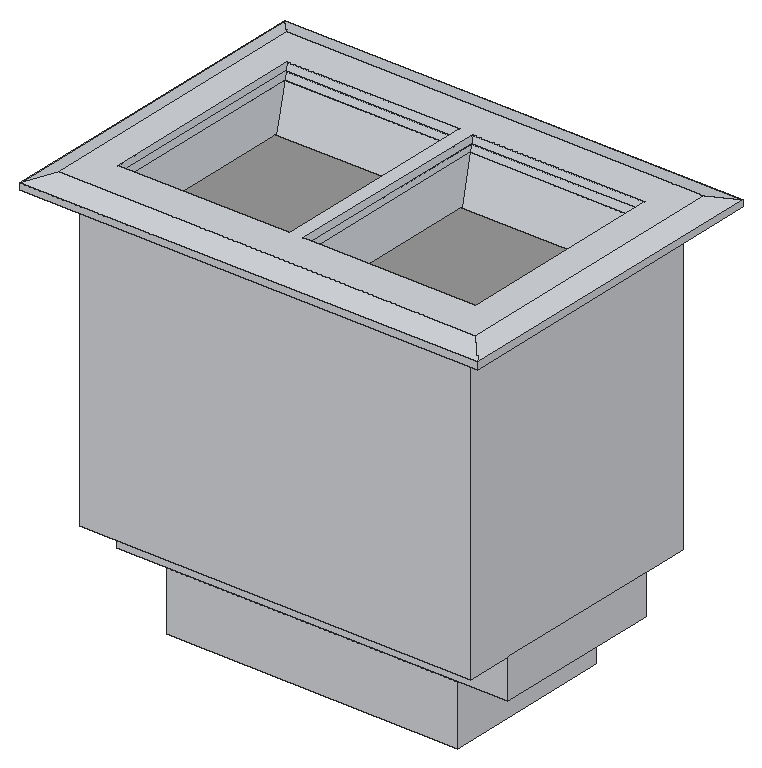
Revit family "2061075 Sylvania Lighting Fixture DOMINO 2xLED 930 BLACK NB TRIM BLACK", category Lighting Fixtures, host Face, Revit 2018
Family settings
  Host = Face
  Round Connector Dimension = Use Diameter
  Part Type = Normal
  OmniClass Number = 23.80.70.00
  OmniClass Title = Lighting
  Cut with Voids When Loaded = No
  Light Source = Yes
  Shared = No
  Room Calculation Point = No
Parameters (values of type "2061075 DOMINO 2XLED 930 BLACK NB TR BLK ")
  top top length = 44 mm
  Width = 50 mm
  Weight = "n/a"
  Wattage Comments = ""
  Wattage = 9.2903 W
  WarrantyStartDate [instance] = "n/a"
  WarrantyGuarantorParts = "n/a"
  WarrantyDurationUnit = "n/a"
  WarrantyDurationParts = ""
  WarrantyDescription = "http://www.sylvania-lighting.com"
  built-in parameter 1150110 = 1 (stored number, unit not read)
  Voltage = 0 V
  URL = "0.6"
  TypeName = "DOMINO 2xLED 930 BLACK NB TRIM BLACK"
  Type Image = <None>
  Type Comments = "n/a"
  built-in parameter 1114217 = 1 (stored number, unit not read)
  Top Width = 26 mm
  Tilt Angle = 90.00°
  built-in parameter 1150109 = 1 (stored number, unit not read)
  built-in parameter 1150134 = 3
  built-in parameter 1150113 = 1 (stored number, unit not read)
  SerialNumber [instance] = "n/a"
  Recessed Width = 43 mm
  Recessed Length = 63 mm
  Photometric Web File = "2061075.ies"
  Material_3_FEILO = none
  PowerFactor = 0
  PowerConsumption = "Lighting"
  NominalLength = 50 mm
  NominalHeight = 0 mm
  NominalDepth = 0 mm
  Name = "DOMINO 2xLED 930 BLACK NB TRIM BLACK"
  ModelReference = Name  # "DOMINO 2xLED 930 BLACK NB TRIM BLACK"
  ModelNumber = "2061075"
  Model = Name  # "DOMINO 2xLED 930 BLACK NB TRIM BLACK"
  Material = "Feilo Sylvania"
  ManufacturerName = "55 lm/W"
  Manufacturer = ""
  LuminousEfficacy = ""
  built-in parameter 1150105 = 109.82 (stored number, unit not read)
  Lumens = 1380 lm
  LuminaireType = "0"
  built-in parameter 1150115 = 1 (stored number, unit not read)
  LightOutputRatio = "LED"
  built-in parameter 1150137 = (empty or 0)
  built-in parameter 1150139 = (empty or 0)
  Lens Width = 32 mm
  Lens = Glass, White, High Luminance
  Length = 69 mm
  LampsType = Lamp  # "n/a"
  LampNominalLuminous = "3000 K"
  LampMacAdamStep = "90"
  LampColourTemperature = "LED"
  LampColourRenderingIndex = "16500"
  built-in parameter 1150112 = 1 (stored number, unit not read)
  built-in parameter 1150114 = 1 (stored number, unit not read)
  Lamp = "n/a"
  Keynote = "n/a"
  InstallationDate [instance] = "n/a"
  InputVoltage = "0"
  InputNominalFrequency = "3000"
  built-in parameter 1150132 = (empty or 0)
  built-in parameter 1150102 = (empty or 0)
  built-in parameter 1150107 = 3200 (stored number, unit not read)
  built-in parameter 1150138 = (empty or 0)
  IngressProtection = "IfcLightFixtureType"
  ImpactProtectionIndex = "IfcLightFixtureType"
  built-in parameter 1150106 = 1.0982 (stored number, unit not read)
  IfcExportType = "IfcLightFixtureType"
  IfcExportAs = "Class II"
  Facia internal width = 37 mm
  Facia internal length = 56 mm
  Facia Height = 2 mm
  ExpectedLife = 50000
  Emit from Circle Diameter = 609.6 mm
  Emit Shape Visible in Rendering = no
  ElectricShockClassification = "55"
  built-in parameter 1150104 = 13.8 (stored number, unit not read)
  DurationUnit = "hours"
  DocumentationLiterature = "http://www.sylvania-lighting.com/product/en-int/products/2061075"
  DimmingControlOptions = "n/a"
  Material_2_FEILO = none
  Dimming Lamp Color Temperature Shift = <None>
  Description = "Modular LED recessed linear spotlight, ideal for retail and hospitality applications. Die-cast aluminium body, passive cooling. Two levels of reflector installation, low glaring UGR<16. 2x LED source, 15° beam angle , optics: PMMA lens and polycarbonate reflector combination, Black matt reflector finish. Light color temperature: 3000K warm white, total system power: 6W , total fixture lumen output: 325lm, efficacy: 55 lm/W, Ra90 typical, LED chromacity: 3 step MacAdam ellipse (SDCM3), lifespan: 96,000 hours at 90% of the original output (L90B10), IR/UV free light source without heat radiation, operating voltage: 220-240V / 50-60Hz, electronic driver, ultra low flicker, non-dimmable , electrical protection: Class II. Degree of Protection: IP40/IP20, suitable for indoor environment only. Ceiling cut-out: 43x43mm, outer dimensions:  70x50mm trim frame RAL 9005 - Jet black color.5 years Warranty."
  Default Elevation = 1219.2 mm
  CreatedOn = "10/02/2021"
  CreatedBy = "harvey.smart@sylvania-lighting.com"
  Cost = 0
  Color Filter = 16777215
  built-in parameter 1114216 [instance] = (empty or 0)
  ClassificationValue = "EF_70_80"
  ClassificationName = "Uniclass2015"
  Material_1_FEILO = none
  Body Width = 40 mm
  Body Length = 59 mm
  BarCode [instance] = "n/a"
  built-in parameter 1114218 = 1 (stored number, unit not read)
  built-in parameter 1150133 = 10 (stored number, unit not read)
  AssetType = "Fixed"
  AssetIdentifier [instance] = "n/a"
  Assembly Code = "D5020200"
  Apparent Load = 6 VA
  Material_4_FEILO = none
Reference planes
  plane 1 "Center (Front/Back)": y = 0
  plane 2: z = 0
  plane 3 "Center (Left/Right)": x = 0
  plane 4: z = 0
  plane 5: z = -7
  plane 6: z = -45.895
  plane 7: z = -51.895
  plane 8: z = -60.895
  plane 9: x = -31.5
  plane 10: x = 31.5
  plane 11: y = 21.5
  plane 12: y = -21.5
  plane 13: x = -34.5
  plane 14: x = 34.5
  plane 15: y = 25
  plane 16: y = -25
  plane 17: x = 28
  plane 18: x = -28
  plane 19: y = 18.5
  plane 20: y = -18.5
  plane 21: z = 2
  plane 22: x = -29.5
  plane 23: x = 29.5
  plane 24: y = 20
  plane 25: y = -20
  plane 26: y = 13
  plane 27: y = -13
  plane 28: x = 22
  plane 29: y = 16
  plane 30: y = -16
  plane 31: x = -27
  plane 32: x = -1
  plane 33: x = -26
  plane 34: x = -2
  plane 35: y = 12.5
  plane 36: y = -12.5
  plane 37: x = 27
  plane 38: x = 1
  plane 39: x = 2
  plane 40: x = 26.026
Forms (mm)
  Extrusion 1, solid, not visible, detail levels medium+fine
    sketch origin (4.2, 0, 0) x (1, 0, 0) y (0, 1, 0)
      loop
        line (-29.2, 34.5) -> (-29.2, -34.5) -> (20.8, -34.5) -> (20.8, 34.5) -> (-29.2, 34.5)
    from 0 to 1
  Extrusion 2, solid, not visible, detail levels medium+fine
    sketch origin (4.044, 0, 0) x (1, 0, 0) y (0, 1, 0)
      loop
        line (-29.2, 34.5) -> (-29.2, -34.5) -> (20.8, -34.5) -> (20.8, 34.5) -> (-29.2, 34.5)
    from 0 to 1
  Blend 3, solid, not visible, detail levels medium+fine
    base sketch origin (4.2, 0, 0) x (1, 0, 0) y (0, 1, 0)
      loop
        line (-29.2, 34.5) -> (-29.2, -34.5) -> (20.8, -34.5) -> (20.8, 34.5) -> (-29.2, 34.5)
    top sketch origin (4.2, 0, 0) x (1, 0, 0) y (0, 1, 0)
      loop
        line (-21.7, 28) -> (-21.7, -28) -> (13.3, -28) -> (13.3, 28) -> (-21.7, 28)
    from 1 to 3
  Extrusion 4, solid, not visible, detail levels medium+fine
    sketch origin (3.419, 0, 0) x (1, 0, 0) y (0, 1, 0)
      loop
        line (-29.2, 34.5) -> (-29.2, -34.5) -> (20.8, -34.5) -> (20.8, 34.5) -> (-29.2, 34.5)
    from 0 to 1
  Blend 5, solid, not visible, detail levels medium+fine
    base sketch origin (3.575, 0, 0) x (1, 0, 0) y (0, 1, 0)
      loop
        line (-29.2, 34.5) -> (-29.2, -34.5) -> (20.8, -34.5) -> (20.8, 34.5) -> (-29.2, 34.5)
    top sketch origin (3.575, 0, 0) x (1, 0, 0) y (0, 1, 0)
      loop
        line (-21.7, 28) -> (-21.7, -28) -> (13.3, -28) -> (13.3, 28) -> (-21.7, 28)
    from 1 to 3
  Extrusion 6, solid, not visible, detail levels medium+fine
    sketch origin (4.247, 0, 0) x (1, 0, 0) y (0, 1, 0)
      loop
        line (-29.2, 34.5) -> (-29.2, -34.5) -> (20.8, -34.5) -> (20.8, 34.5) -> (-29.2, 34.5)
    from 0 to 1
  Blend 7, solid, not visible, detail levels medium+fine
    base sketch origin (4.403, 0, 0) x (1, 0, 0) y (0, 1, 0)
      loop
        line (-29.2, 34.5) -> (-29.2, -34.5) -> (20.8, -34.5) -> (20.8, 34.5) -> (-29.2, 34.5)
    top sketch origin (4.403, 0, 0) x (1, 0, 0) y (0, 1, 0)
      loop
        line (-21.7, 28) -> (-21.7, -28) -> (13.3, -28) -> (13.3, 28) -> (-21.7, 28)
    from 1 to 3
  Extrusion 8, void, detail levels medium+fine
    sketch origin (4.2, 0, 0) x (0, 1, 0) y (1, 0, 0)
      loop
        line (21.5, -35.7) -> (21.5, 27.3) -> (-21.5, 27.3) -> (-21.5, -35.7) -> (21.5, -35.7)
    from -9.934 to 83.097
  Extrusion 9, solid, detail levels medium+fine
    sketch origin (4.2, 0, 0) x (1, 0, 0) y (0, 1, 0)
      loop
        line (-38.7, 25) -> (-38.7, -25) -> (30.3, -25) -> (30.3, 25) -> (-38.7, 25)
    from 0 to 1
  Blend 10, solid, detail levels medium+fine
    base sketch origin (4.2, 0, 0) x (1, 0, 0) y (0, 1, 0)
      loop
        line (-38.7, 25) -> (-38.7, -25) -> (30.3, -25) -> (30.3, 25) -> (-38.7, 25)
    top sketch origin (4.2, 0, 0) x (1, 0, 0) y (0, 1, 0)
      loop
        line (-35.7, 21.5) -> (-35.7, -21.5) -> (27.3, -21.5) -> (27.3, 21.5) -> (-35.7, 21.5)
    from 1 to 2
  Extrusion 11, solid, detail levels medium+fine
    sketch origin (4.2, 0, 0) x (1, 0, 0) y (0, 1, 0)
      loop
        line (-33.7, 20) -> (-33.7, -20) -> (25.3, -20) -> (25.3, 20) -> (-33.7, 20)
    from 0 to -45.895
  Extrusion 12, solid, detail levels medium+fine
    sketch origin (4.2, 0, 0) x (1, 0, 0) y (0, 1, 0)
      loop
        line (-33.7, 13) -> (-33.7, -13) -> (25.3, -13) -> (25.3, 13) -> (-33.7, 13)
    from -51.895 to -45.895
  Extrusion 13, solid, detail levels fine
    sketch origin (4.2, 0, 0) x (1, 0, 0) y (0, 1, 0)
      loop
        line (-26.2, 13) -> (-26.2, -13) -> (17.8, -13) -> (17.8, 13) -> (-26.2, 13)
    from -60.895 to -51.895
  Blend 14, void, detail levels medium+fine
    base sketch origin (4.2, 0, 0) x (0, 1, 0) y (-1, 0, 0)
      loop
        line (16, 31.2) -> (-16, 31.2) -> (-16, 5.2) -> (16, 5.2) -> (16, 31.2)
    top sketch origin (4.2, 0, 0) x (0, 1, 0) y (-1, 0, 0)
      loop
        line (12.5, 30.2) -> (-12.5, 30.2) -> (-12.5, 6.2) -> (12.5, 6.2) -> (12.5, 30.2)
    from 2 to -7
  Blend 15, void, detail levels medium+fine
    base sketch origin (4.2, 0, 0) x (0, 1, 0) y (-1, 0, 0)
      loop
        line (16, 3.2) -> (-16, 3.2) -> (-16, -22.8) -> (16, -22.8) -> (16, 3.2)
    top sketch origin (4.2, 0, 0) x (0, 1, 0) y (-1, 0, 0)
      loop
        line (12.5, 2.2) -> (-12.5, 2.2) -> (-12.5, -21.826) -> (12.5, -21.826) -> (12.5, 2.2)
    from 2 to -7
  Extrusion 16, solid, material "Glass, White, High Luminance" <- "Lens", detail levels fine
    sketch origin (0, 1219.2, 38) x (1, 0, 0) y (0, 1, 0)
      loop
        line (-26, -1206.7) -> (-26, -1231.7) -> (-2, -1231.7) -> (-2, -1206.7) -> (-26, -1206.7)
    from -45 to -44
  Extrusion 17, solid, material "Glass, White, High Luminance" <- "Lens", detail levels fine
    sketch origin (4.2, 0, 0) x (1, 0, 0) y (0, 1, 0)
      loop
        line (-2.2, 12.5) -> (-2.2, -12.5) -> (21.826, -12.5) -> (21.826, 12.5) -> (-2.2, 12.5)
    from -7 to -6
  Extrusion 18, solid, detail levels coarse
    sketch origin (0, 1219.2, 38) x (1, 0, 0) y (0, 1, 0)
      loop
        line (34.5, -1194.2) -> (-34.5, -1194.2) -> (-34.5, -1244.2) -> (34.5, -1244.2) -> (34.5, -1194.2)
    from -36 to -98.895
Cuts and joins
  Blend 14, Blend 15 cuts Extrusion 9
  Blend 14, Blend 15 cuts Blend 10
  Blend 14, Blend 15 cuts Extrusion 11
Dimensions and locks
  "Recessed Length": plane 9 to plane 10
  equal spacing: plane 9, plane 3 "Center (Left/Right)", plane 10
  "Length": plane 13 to plane 14
  equal spacing: plane 13, plane 3 "Center (Left/Right)", plane 14
  "Recessed Width": plane 11 to plane 12
  equal spacing: plane 11, plane 1 "Center (Front/Back)", plane 12
  "Width": plane 15 to plane 16
  equal spacing: plane 15, plane 1 "Center (Front/Back)", plane 16
  "Facia internal length": plane 18 to plane 17
  equal spacing: plane 18, plane 3 "Center (Left/Right)", plane 17
  "Facia internal width": plane 19 to plane 20
  equal spacing: plane 19, plane 1 "Center (Front/Back)", plane 20
  "Facia Height": plane 21 to host face
  "Body Length": plane 22 to plane 23
  equal spacing: plane 22, plane 3 "Center (Left/Right)", plane 23
  "Body Width": plane 24 to plane 25
  equal spacing: plane 24, plane 1 "Center (Front/Back)", plane 25
  "Top Width": plane 26 to plane 27
  equal spacing: plane 26, plane 1 "Center (Front/Back)", plane 27
  plane 3 "Center (Left/Right)" to plane 28 = 22 mm
  "Lens Width": plane 29 to plane 30
  equal spacing: plane 29, plane 1 "Center (Front/Back)", plane 30
  aligned and locked: plane 2 to host face
  aligned and locked: level to host face
  aligned and locked: plane 21 to Blend 10
  aligned and locked: Extrusion 9 to Blend 10
  aligned and locked: plane 7 to Extrusion 13
  aligned and locked: Extrusion 12 to plane 7
  aligned and locked: Extrusion 11 to plane 6
  aligned and locked: Blend 14 to plane 5
  aligned and locked: plane 21 to Blend 14
  aligned and locked: Blend 15 to plane 5
  aligned and locked: plane 21 to Blend 15
Automatic sketch dimensions
  host sketch curve to host sketch curve = 2438.4 mm  (x2)
  Extrusion 1 sketch curve to Extrusion 1 sketch curve = 50 mm
  Extrusion 1 sketch curve to Extrusion 1 sketch curve = 69 mm
  Extrusion 2 sketch curve to Extrusion 2 sketch curve = 50 mm
  Extrusion 2 sketch curve to Extrusion 2 sketch curve = 69 mm
  Blend 3 sketch curve to Blend 3 sketch curve = 50 mm
  Blend 3 sketch curve to Blend 3 sketch curve = 69 mm
  Blend 3 sketch curve to Blend 3 sketch curve = 35 mm
  Blend 3 sketch curve to Blend 3 sketch curve = 56 mm
  Extrusion 4 sketch curve to Extrusion 4 sketch curve = 50 mm
  Extrusion 4 sketch curve to Extrusion 4 sketch curve = 69 mm
  Blend 5 sketch curve to Blend 5 sketch curve = 50 mm
  Blend 5 sketch curve to Blend 5 sketch curve = 69 mm
  Blend 5 sketch curve to Blend 5 sketch curve = 35 mm
  Blend 5 sketch curve to Blend 5 sketch curve = 56 mm
  Extrusion 6 sketch curve to Extrusion 6 sketch curve = 50 mm
  Extrusion 6 sketch curve to Extrusion 6 sketch curve = 69 mm
  Blend 7 sketch curve to Blend 7 sketch curve = 50 mm
  Blend 7 sketch curve to Blend 7 sketch curve = 69 mm
  Blend 7 sketch curve to Blend 7 sketch curve = 35 mm
  Blend 7 sketch curve to Blend 7 sketch curve = 56 mm
  Extrusion 8 sketch curve to plane 9 = 0 mm
  Extrusion 8 sketch curve to plane 12 = 0 mm
  Extrusion 8 sketch curve to plane 11 = 0 mm
  Extrusion 8 sketch curve to plane 10 = 0 mm
  Extrusion 9 sketch curve to plane 13 = 0 mm
  Extrusion 9 sketch curve to plane 14 = 0 mm
  Extrusion 9 sketch curve to plane 16 = 0 mm
  Extrusion 9 sketch curve to plane 15 = 0 mm
  Blend 10 sketch curve to plane 13 = 0 mm
  Blend 10 sketch curve to plane 14 = 0 mm
  Blend 10 sketch curve to plane 16 = 0 mm
  Blend 10 sketch curve to plane 15 = 0 mm
  Blend 10 sketch curve to plane 9 = 0 mm
  Blend 10 sketch curve to plane 10 = 0 mm
  Blend 10 sketch curve to plane 12 = 0 mm
  Blend 10 sketch curve to plane 11 = 0 mm
  Extrusion 11 sketch curve to plane 22 = 0 mm
  Extrusion 11 sketch curve to plane 23 = 0 mm
  Extrusion 11 sketch curve to plane 25 = 0 mm
  Extrusion 11 sketch curve to plane 24 = 0 mm
  Extrusion 12 sketch curve to plane 22 = 0 mm
  Extrusion 12 sketch curve to plane 23 = 0 mm
  Extrusion 12 sketch curve to plane 27 = 0 mm
  Extrusion 12 sketch curve to plane 26 = 0 mm
  Extrusion 13 sketch curve to plane 27 = 0 mm
  Extrusion 13 sketch curve to plane 28 = 0 mm
  Extrusion 13 sketch curve to plane 26 = 0 mm
  plane 18 to Extrusion 13 sketch curve = 6 mm
  Blend 14 sketch curve to plane 30 = 0 mm
  Blend 14 sketch curve to plane 29 = 0 mm
  Blend 14 sketch curve to plane 32 = 0 mm
  Blend 14 sketch curve to plane 31 = 0 mm
  Blend 14 sketch curve to plane 33 = 0 mm
  Blend 14 sketch curve to plane 36 = 0 mm
  Blend 14 sketch curve to plane 35 = 0 mm
  Blend 14 sketch curve to plane 34 = 0 mm
  Blend 15 sketch curve to plane 30 = 0 mm
  Blend 15 sketch curve to plane 29 = 0 mm
  Blend 15 sketch curve to plane 37 = 0 mm
  Blend 15 sketch curve to plane 38 = 0 mm
  Blend 15 sketch curve to plane 36 = 0 mm
  Blend 15 sketch curve to plane 35 = 0 mm
  Blend 15 sketch curve to plane 40 = 0 mm
  Blend 15 sketch curve to plane 39 = 0 mm
  plane 31 to Extrusion 16 sketch curve = 1 mm
  Extrusion 16 sketch curve to plane 11 = 9 mm
  Extrusion 16 sketch curve to plane 34 = 0 mm
  plane 1 "Center (Front/Back)" to Extrusion 16 sketch curve = 12.5 mm
  Extrusion 17 sketch curve to plane 36 = 0 mm
  Extrusion 17 sketch curve to plane 39 = 0 mm
  Extrusion 17 sketch curve to plane 40 = 0 mm
  Extrusion 17 sketch curve to plane 35 = 0 mm
  Extrusion 18 sketch curve to plane 33 = 8.5 mm
  plane 14 to Extrusion 18 sketch curve = 0 mm
  plane 16 to Extrusion 18 sketch curve = 50 mm
  Extrusion 18 sketch curve to plane 36 = 12.5 mm
